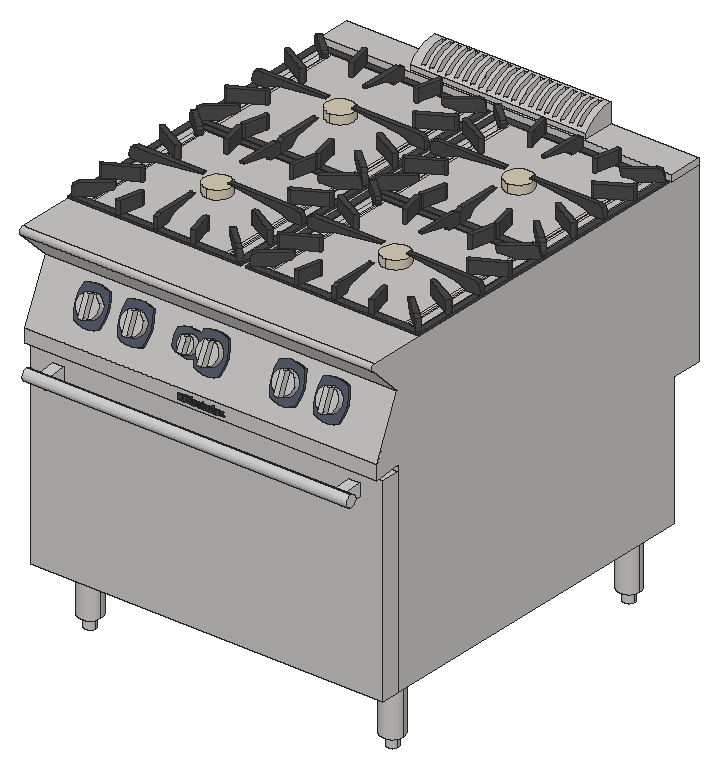
Revit family "QF_ELECTROLUXPROFESSIONAL_391575_E9AAKTBBMEI", category Attrezzature speciali, Revit 2018
Family settings
  Quota connettore circolare = Usa diametro
  Tipo di parte = Normale
  Basato su piano di lavoro = No
  Sempre verticale = Sì
  Taglio con vuoti quando caricato = No
  Condiviso = No
  Punto di calcolo locali = No
Parameters (values of type "Standard")
  Weight = 155.00 kg
  Watts = 0 W
  Volts = 0 V
  URL Manufacturer = "https://www.electroluxprofessional.com/"
  URL = "https://www.electroluxprofessional.com/"
  Steam Supply Size = 0"
  Steam Supply Minimum Pressure = 0.00 psi
  Steam Supply Maximum Pressure = 0.00 psi
  Steam Consumption per Hour = 0
  Show Logo [instance] = yes
  Show Clearance [instance] = yes
  Refrigeration Suction Line Size = 0 mm
  Refrigeration Liquid Line Size = 0 mm
  Refrigerant Compressor Remote = yes
  Phase = 0
  Modello = "E9AAKTBBMEI"
  Produttore = "Electrolux Professional"
  Length Actual = 800 mm  # constant formula
  Item Number = "391575"
  Hot Water Size = 0"
  Height Actual = 850 mm  # constant formula
  HP = "0 HP"
  Gas Size = 1/2"
  Gas KW = 32.5
  Gas Input Pressure = 1.13485 Btu/h
  Direct Waste Size = 0"
  Descrizione = "4-BURNER (6KW) GAS RANGE+GAS OVEN 800MM - QMARK"
  Depth Actual = 930 mm  # constant formula
  Cycle = 0 Hz
  Condensate Return Size = 0"
  Compressed Air Volume = 0 GPM
  Compressed Air Size = 0"
  Compressed Air Pressure = 0.00 psi
  Cold Water Size = 0"
  Accessory = yes
Values of the unnamed type that differ from the named types
  Weight = 0.00 kg
  URL Manufacturer = ""
  Item Number = ""
  HP = ""
  Gas KW = 0
  Gas Input Pressure = 0.0 Btu/h
Reference planes
  plane 1 "BACK": y = 0
  plane 2: z = 0
  plane 3 "LEFT": x = 0
  plane 4 "RIGHT": x = 800.1
  plane 5 "FRONT": y = -930.275
  plane 6 "TOP": z = 908
  plane 7 "Center Y": x = 400.05
  plane 8 "Center X": y = -465.137
  plane 9: z = 149.225
  plane 10: z = 1397
  plane 11: y = -80.962
  plane 12: z = 850
  plane 13: x = 56
  plane 14: y = -128
  plane 15: y = -801.687
  plane 16: y = -665.163
  plane 17: y = -1309
  plane 18: y = -576
  plane 19: x = 744.1
Forms (mm)
  Extrusion 1, solid, material "QF_Finishes_Stainless Steel"
    sketch origin (0, 0, 0) x (0, 1, 0) y (0, 0, 1)
      loop
        line (0, 449.262) -> (0, 850) -> (-922.302, 850)
        arc (-922.302, 850) -> (-930.275, 844.673) -> (-928.404, 835.268) r 8.63
        line (-928.404, 835.268) -> (-859.069, 765.933) -> (-916.765, 640.576) -> (-916.765, 609.279) -> (-856.641, 613.975)
        arc (-856.641, 613.975) -> (-854.117, 613.227) -> (-853.025, 610.831) r 3.175
        line (-853.025, 610.831) -> (-853.025, 149.225) -> (-71.438, 149.225) -> (-71.437, 449.263) -> (0, 449.262)
    from 0 to 800.1
  Revolve 2, solid, material "QF_Finishes_Stainless Steel"
    sketch origin (0, -801.687, 611.731) x (0, 0, -1) y (1, 0, 0)
      loop
        line (462.506, 56) -> (462.506, 30.6) -> (586.331, 30.6) -> (586.331, 43.3) -> (611.731, 43.3) -> (611.731, 56) -> (462.506, 56)
      axis (611.731, 56) -> (462.506, 56)
    angle from 0 to 360
  Revolve 3, solid, material "QF_Finishes_Stainless Steel"
    sketch origin (800.1, -801.687, 611.731) x (0, 0, -1) y (1, 0, 0)
      loop
        line (462.506, -55.562) -> (611.731, -55.562) -> (611.731, -42.862) -> (586.331, -42.862) -> (586.331, -30.162) -> (462.506, -30.162) -> (462.506, -55.562)
      axis (611.731, -55.562) -> (462.506, -55.562)
    angle from 0 to 360
  Revolve 4, solid, material "QF_Finishes_Stainless Steel"
    sketch origin (800.1, -128.588, 611.731) x (0, 0, -1) y (1, 0, 0)
      loop
        line (462.506, -55.562) -> (611.731, -55.562) -> (611.731, -42.862) -> (586.331, -42.862) -> (586.331, -30.162) -> (462.506, -30.162) -> (462.506, -55.562)
      axis (611.731, -55.562) -> (462.506, -55.562)
    angle from 0 to 360
  Revolve 5, solid, material "QF_Finishes_Stainless Steel"
    sketch origin (111.125, -128.588, 611.731) x (0, 0, -1) y (1, 0, 0)
      loop
        line (462.506, -55.125) -> (611.731, -55.125) -> (611.731, -42.425) -> (586.331, -42.425) -> (586.331, -29.725) -> (462.506, -29.725) -> (462.506, -55.125)
      axis (611.731, -55.125) -> (462.506, -55.125)
    angle from 0 to 360
  Extrusion 6, solid, material "QF_Finishes_Stainless Steel"
    sketch origin (0, 0, 0) x (0, 1, 0) y (0, 0, 1)
      loop
        line (0, 850) -> (0, 864.288) -> (-76.2, 864.288) -> (-76.2, 850) -> (0, 850)
    from 0 to 800.1
  Extrusion 7, void
    sketch origin (-65.011, 0, 865.138) x (-1, 0, 0) y (0, -1, 0)
      loop
        line (-295.005, 6.761) -> (-285.709, 6.761) -> (-285.709, 63.911) -> (-295.005, 63.911) -> (-295.005, 6.761)
      loop
        line (-313.697, 6.761) -> (-304.401, 6.761) -> (-304.401, 63.911) -> (-313.697, 63.911) -> (-313.697, 6.761)
      loop
        line (-332.39, 6.761) -> (-323.094, 6.761) -> (-323.094, 63.911) -> (-332.39, 63.911) -> (-332.39, 6.761)
      loop
        line (-351.082, 6.761) -> (-341.787, 6.761) -> (-341.787, 63.911) -> (-351.082, 63.911) -> (-351.082, 6.761)
      loop
        line (-369.775, 6.761) -> (-360.479, 6.761) -> (-360.479, 63.911) -> (-369.775, 63.911) -> (-369.775, 6.761)
      loop
        line (-388.468, 6.761) -> (-379.172, 6.761) -> (-379.172, 63.911) -> (-388.468, 63.911) -> (-388.468, 6.761)
      loop
        line (-407.16, 6.761) -> (-397.864, 6.761) -> (-397.864, 63.911) -> (-407.16, 63.911) -> (-407.16, 6.761)
      loop
        line (-425.853, 6.761) -> (-416.557, 6.761) -> (-416.557, 63.911) -> (-425.853, 63.911) -> (-425.853, 6.761)
      loop
        line (-444.545, 6.761) -> (-435.25, 6.761) -> (-435.25, 63.911) -> (-444.545, 63.911) -> (-444.545, 6.761)
      loop
        line (-463.238, 6.761) -> (-453.942, 6.761) -> (-453.942, 63.911) -> (-463.238, 63.911) -> (-463.238, 6.761)
      loop
        line (-481.931, 6.761) -> (-472.635, 6.761) -> (-472.635, 63.911) -> (-481.931, 63.911) -> (-481.931, 6.761)
      loop
        line (-500.623, 6.761) -> (-491.328, 6.761) -> (-491.328, 63.911) -> (-500.623, 63.911) -> (-500.623, 6.761)
      loop
        line (-519.316, 6.761) -> (-510.02, 6.761) -> (-510.02, 63.911) -> (-519.316, 63.911) -> (-519.316, 6.761)
      loop
        line (-538.008, 6.761) -> (-528.713, 6.761) -> (-528.713, 63.911) -> (-538.008, 63.911) -> (-538.008, 6.761)
      loop
        line (-556.701, 6.761) -> (-547.405, 6.761) -> (-547.405, 63.911) -> (-556.701, 63.911) -> (-556.701, 6.761)
      loop
        line (-575.394, 6.761) -> (-566.098, 6.761) -> (-566.098, 63.911) -> (-575.394, 63.911) -> (-575.394, 6.761)
      loop
        line (-594.086, 6.761) -> (-584.791, 6.761) -> (-584.791, 63.911) -> (-594.086, 63.911) -> (-594.086, 6.761)
      loop
        line (-612.779, 6.761) -> (-603.483, 6.761) -> (-603.483, 63.911) -> (-612.779, 63.911) -> (-612.779, 6.761)
      loop
        line (-631.472, 6.761) -> (-622.176, 6.761) -> (-622.176, 63.911) -> (-631.472, 63.911) -> (-631.472, 6.761)
      loop
        line (-650.164, 6.761) -> (-640.868, 6.761) -> (-640.868, 63.911) -> (-650.164, 63.911) -> (-650.164, 6.761)
    from 9.525 to 45.348
  Extrusion 8, solid, material "QF_Finishes_Stainless Steel"
    sketch origin (400.05, 175.397, 1219.2) x (0, 1, 0) y (0, 0, 1)
      loop
        line (-175.397, -354.912) -> (-175.397, -311.2)
        arc (-175.397, -311.2) -> (-214.469, -319.821) -> (-245.247, -345.387) r 84.854
        line (-245.247, -345.387) -> (-245.247, -354.912) -> (-175.397, -354.912)
    from -200.05 to 199.95
  Extrusion 9, solid, material "QF_Finishes_Navy Blue"
    sketch origin (0, -890.928, 697.612) x (0, -0.418102, -0.9084) y (1, 0, 0)
      loop
        arc (-53.776, 198.651) -> (-18.194, 191.027) -> (17.514, 198.034) r 90.5
        arc (17.514, 198.034) -> (24.34, 227.222) -> (17.514, 256.409) r 65.817
        arc (17.514, 256.409) -> (-18.193, 263.369) -> (-53.776, 255.797) r 91.066
        arc (-53.776, 255.797) -> (-60.332, 227.224) -> (-53.776, 198.651) r 65.546
      loop
        arc (-53.776, 98.651) -> (-18.194, 91.027) -> (17.514, 98.034) r 90.5
        arc (17.514, 98.034) -> (24.34, 127.222) -> (17.514, 156.409) r 65.817
        arc (17.514, 156.409) -> (-18.193, 163.369) -> (-53.776, 155.797) r 91.066
        arc (-53.776, 155.797) -> (-60.332, 127.224) -> (-53.776, 98.651) r 65.546
      loop
        arc (-53.776, 601.786) -> (-60.332, 573.214) -> (-53.776, 544.641) r 65.546
        arc (-53.776, 544.641) -> (-18.193, 537.068) -> (17.514, 544.028) r 91.066
        arc (17.514, 544.028) -> (24.34, 573.216) -> (17.514, 602.404) r 65.817
        arc (17.514, 602.404) -> (-18.194, 609.411) -> (-53.776, 601.786) r 90.5
      loop
        arc (-53.776, 701.786) -> (-60.332, 673.214) -> (-53.776, 644.641) r 65.546
        arc (-53.776, 644.641) -> (-18.193, 637.068) -> (17.514, 644.028) r 91.066
        arc (17.514, 644.028) -> (24.34, 673.216) -> (17.514, 702.404) r 65.817
        arc (17.514, 702.404) -> (-18.194, 709.411) -> (-53.776, 701.786) r 90.5
      loop
        arc (-40.159, 316.707) -> (-21.848, 313.911) -> (-3.351, 314.901) r 90.5
        arc (-3.351, 314.901) -> (6.915, 339.94) -> (6.238, 366.994) r 65.817
        arc (6.238, 366.994) -> (11.94, 368.741) -> (17.514, 370.86) r 90.5
        arc (17.514, 370.86) -> (24.34, 400.048) -> (17.514, 429.235) r 65.817
        arc (17.514, 429.235) -> (-18.193, 436.195) -> (-53.776, 428.623) r 91.066
        arc (-53.776, 428.623) -> (-60.332, 400.05) -> (-53.776, 371.477) r 65.546
        arc (-53.776, 371.477) -> (-49.379, 369.684) -> (-44.894, 368.124) r 90.5
        arc (-44.894, 368.124) -> (-47.802, 341.929) -> (-40.159, 316.707) r 65.546
    from 0 to 3.175
  Extrusion 10, solid, material "QF_Finishes_Stainless Steel"
    sketch origin (0, -893.812, 698.94) x (0, -0.418102, -0.9084) y (1, 0, 0)
      loop
        circle (-18.131, 227.457) r 25.4
      loop
        circle (-18.131, 127.457) r 25.4
      loop
        circle (-18.131, 572.543) r 25.4
      loop
        circle (-18.131, 672.543) r 25.4
      loop
        circle (-18.131, 349.957) r 19.05
      loop
        circle (-18.131, 400.05) r 25.4
    from 0 to 12.7
  Extrusion 11, solid, material "QF_Finishes_Stainless Steel"
    sketch origin (0, -905.349, 704.25) x (0, -0.418102, -0.9084) y (1, 0, 0)
      loop
        arc (-42.863, 233.243) -> (-43.531, 227.457) -> (-42.863, 221.671) r 25.4
        line (-42.863, 221.671) -> (6.601, 221.671)
        arc (6.601, 221.671) -> (7.269, 227.457) -> (6.601, 233.243) r 25.4
        line (6.601, 233.243) -> (-42.863, 233.243)
      loop
        arc (-42.863, 133.243) -> (-43.531, 127.457) -> (-42.863, 121.671) r 25.4
        line (-42.863, 121.671) -> (6.601, 121.671)
        arc (6.601, 121.671) -> (7.269, 127.457) -> (6.601, 133.243) r 25.4
        line (6.601, 133.243) -> (-42.863, 133.243)
      loop
        arc (-34.426, 356.459) -> (-35.24, 350.69) -> (-34.719, 344.887) r 25.4
        line (-34.719, 344.887) -> (-2.956, 344.887)
        arc (-2.956, 344.887) -> (-2.067, 350.647) -> (-2.515, 356.459) r 25.4
        line (-2.515, 356.459) -> (-34.426, 356.459)
      loop
        arc (-42.863, 579.675) -> (-43.531, 573.889) -> (-42.863, 568.102) r 25.4
        line (-42.863, 568.102) -> (6.601, 568.102)
        arc (6.601, 568.102) -> (7.269, 573.889) -> (6.601, 579.675) r 25.4
        line (6.601, 579.675) -> (-42.863, 579.675)
      loop
        arc (-42.863, 679.675) -> (-43.531, 673.889) -> (-42.863, 668.102) r 25.4
        line (-42.863, 668.102) -> (6.601, 668.102)
        arc (6.601, 668.102) -> (7.269, 673.889) -> (6.601, 679.675) r 25.4
        line (6.601, 679.675) -> (-42.863, 679.675)
      loop
        arc (-42.863, 405.836) -> (-43.531, 400.05) -> (-42.863, 394.264) r 25.4
        line (-42.863, 394.264) -> (6.601, 394.264)
        arc (6.601, 394.264) -> (7.269, 400.05) -> (6.601, 405.836) r 25.4
        line (6.601, 405.836) -> (-42.863, 405.836)
    from 0 to 12.7
  Extrusion 12, solid, material "QF_Finishes_Navy Blue", visible <- "Show Logo"
    sketch origin (0, -916.765, 609.279) x (0, 0, 1) y (-1, 0, 0)
      loop
        line (21.268, -357.807) -> (8.901, -357.807)
        arc (8.901, -357.807) -> (15.085, -362.379) -> (21.268, -357.807) r 6.467
      loop
        arc (21.268, -357.178) -> (20.099, -352.035) -> (15.443, -349.557) r 6.338
        line (15.443, -349.557) -> (15.443, -351.603)
        arc (15.443, -351.603) -> (16.927, -355.258) -> (20.372, -357.178) r 5.941
        line (20.372, -357.178) -> (21.268, -357.178)
      loop
        arc (9.797, -357.178) -> (13.242, -355.258) -> (14.726, -351.603) r 5.941
        line (14.726, -351.603) -> (14.726, -349.557)
        arc (14.726, -349.557) -> (10.032, -352.031) -> (8.742, -357.178) r 6.504
        line (8.742, -357.178) -> (9.797, -357.178)
      loop
        line (21.943, -349.088) -> (8.198, -349.088) -> (8.198, -362.851) -> (21.943, -362.851) -> (21.943, -349.088)
      loop
        arc (22.026, -365.819) -> (21.679, -365.461) -> (21.312, -365.799) r 0.358
        arc (21.312, -365.799) -> (20.997, -366.549) -> (20.281, -366.934) r 1.216
        line (20.281, -366.934) -> (9.868, -366.934)
        arc (9.868, -366.934) -> (9.208, -366.657) -> (8.812, -366.06) r 1.238
        arc (8.812, -366.06) -> (8.417, -365.809) -> (8.112, -366.163) r 0.358
        line (8.112, -366.163) -> (8.112, -376.042) -> (10.863, -376.042) -> (10.863, -375.145)
        arc (10.863, -375.145) -> (9.954, -374.565) -> (9.498, -373.588) r 1.928
        line (9.498, -373.588) -> (9.498, -371.089)
        arc (9.498, -371.089) -> (9.774, -370.36) -> (10.462, -369.996) r 1.101
        line (10.462, -369.996) -> (14.549, -369.996) -> (14.549, -373.67)
        arc (14.549, -373.67) -> (14.196, -374.167) -> (13.631, -374.395) r 1.083
        arc (13.631, -374.395) -> (13.367, -374.7) -> (13.659, -374.978) r 0.292
        line (13.659, -374.978) -> (16.621, -374.978)
        arc (16.621, -374.978) -> (16.924, -374.705) -> (16.686, -374.375) r 0.305
        arc (16.686, -374.375) -> (16.195, -374.127) -> (15.89, -373.67) r 1.083
        line (15.89, -373.67) -> (15.89, -369.996) -> (20.567, -369.996) -> (20.567, -373.744)
        arc (20.567, -373.744) -> (20.353, -374.499) -> (19.747, -374.997) r 1.314
        arc (19.747, -374.997) -> (19.527, -375.401) -> (19.882, -375.694) r 0.361
        line (19.882, -375.694) -> (22.026, -375.694) -> (22.026, -365.819)
      loop
        arc (21.309, -376.474) -> (20.928, -377.393) -> (20.01, -377.773) r 1.299
        line (20.01, -377.773) -> (10.431, -377.773)
        arc (10.431, -377.773) -> (9.593, -377.395) -> (9.321, -376.517) r 1.118
        line (9.321, -376.517) -> (8.112, -376.517) -> (8.112, -381.867) -> (9.3, -381.867)
        arc (9.3, -381.867) -> (9.572, -380.95) -> (10.442, -380.554) r 1.153
        line (10.442, -380.554) -> (22.514, -380.554) -> (21.309, -376.474)
      loop
        line (13.077, -384.503) -> (13.077, -390.951) -> (13.876, -390.951)
        arc (13.876, -390.951) -> (16.456, -389.966) -> (17.725, -387.513) r 3.874
        line (17.725, -387.513) -> (17.725, -385.752)
        arc (17.725, -385.752) -> (16.538, -382.887) -> (13.674, -381.701) r 4.051
        line (13.674, -381.701) -> (11.666, -381.701)
        arc (11.666, -381.701) -> (8.847, -383.186) -> (7.795, -386.193) r 4.352
        arc (7.795, -386.193) -> (8.16, -388.656) -> (9.537, -390.73) r 5.713
        line (9.537, -390.73) -> (10.486, -390.73)
        arc (10.486, -390.73) -> (9.754, -389.161) -> (9.537, -387.443) r 5.579
        arc (9.537, -387.443) -> (10.331, -385.48) -> (12.21, -384.503) r 3.057
        line (12.21, -384.503) -> (13.077, -384.503)
      loop
        line (14.336, -384.503) -> (14.336, -388.085)
        arc (14.336, -388.085) -> (15.793, -388.133) -> (16.676, -386.973) r 1.59
        line (16.676, -386.973) -> (16.676, -386.143)
        arc (16.676, -386.143) -> (15.811, -384.888) -> (14.336, -384.503) r 2.184
      loop
        arc (17.127, -400.368) -> (17.616, -398.694) -> (17.773, -396.957) r 9.023
        line (17.773, -396.957) -> (17.773, -395.595)
        arc (17.773, -395.595) -> (16.614, -392.795) -> (13.814, -391.636) r 3.959
        line (13.814, -391.636) -> (11.214, -391.636)
        arc (11.214, -391.636) -> (8.932, -392.928) -> (7.815, -395.301) r 4.331
        line (7.815, -395.301) -> (7.815, -397.436)
        arc (7.815, -397.436) -> (8.323, -398.986) -> (9.245, -400.332) r 5.772
        arc (9.245, -400.332) -> (10.006, -400.383) -> (10.093, -399.624) r 0.553
        arc (10.093, -399.624) -> (9.705, -398.89) -> (9.571, -398.071) r 2.573
        line (9.571, -398.071) -> (9.571, -396.556)
        arc (9.571, -396.556) -> (10.577, -394.915) -> (12.392, -394.272) r 2.884
        line (12.392, -394.272) -> (13.67, -394.272)
        arc (13.67, -394.272) -> (15.492, -394.832) -> (16.418, -396.497) r 2.554
        line (16.418, -396.497) -> (16.418, -397.55)
        arc (16.418, -397.55) -> (16.087, -398.478) -> (15.43, -399.213) r 2.564
        arc (15.43, -399.213) -> (15.208, -399.93) -> (15.817, -400.368) r 0.643
        line (15.817, -400.368) -> (17.127, -400.368)
      loop
        line (16.109, -400.638) -> (16.109, -402.139) -> (10.061, -402.139)
        arc (10.061, -402.139) -> (8.473, -402.797) -> (7.815, -404.385) r 2.246
        line (7.815, -404.385) -> (7.815, -405.969)
        arc (7.815, -405.969) -> (8.129, -406.834) -> (8.629, -407.605) r 4.06
        arc (8.629, -407.605) -> (9.362, -407.738) -> (9.613, -407.037) r 0.576
        arc (9.613, -407.037) -> (9.507, -406.512) -> (9.571, -405.979) r 1.69
        arc (9.571, -405.979) -> (10.113, -405.191) -> (11.019, -404.888) r 1.506
        line (11.019, -404.888) -> (16.157, -404.888) -> (16.157, -407.285) -> (16.713, -407.842) -> (17.535, -407.842) -> (17.535, -404.982) -> (20.766, -404.982) -> (16.109, -400.638)
      loop
        line (8.032, -408.739) -> (8.032, -414.126) -> (9.142, -414.126)
        arc (9.142, -414.126) -> (9.536, -413.175) -> (10.487, -412.781) r 1.345
        line (10.487, -412.781) -> (14.103, -412.781)
        arc (14.103, -412.781) -> (14.868, -413.373) -> (15.157, -414.295) r 1.615
        line (15.157, -414.295) -> (15.157, -415.851) -> (17.713, -416.536) -> (17.713, -415.153) -> (15.771, -412.594) -> (17.651, -412.594) -> (17.367, -409.888)
        arc (17.367, -409.888) -> (16.927, -409.358) -> (16.268, -409.559) r 0.621
        arc (16.268, -409.559) -> (15.868, -409.901) -> (15.374, -410.084) r 1.501
        line (15.374, -410.084) -> (10.487, -410.084)
        arc (10.487, -410.084) -> (9.536, -409.69) -> (9.142, -408.739) r 1.345
        line (9.142, -408.739) -> (8.032, -408.739)
      loop
        line (14.134, -416.073) -> (11.442, -416.073)
        arc (11.442, -416.073) -> (8.996, -417.381) -> (7.863, -419.912) r 4.288
        arc (7.863, -419.912) -> (7.799, -421.292) -> (7.863, -422.672) r 15.022
        arc (7.863, -422.672) -> (8.996, -425.203) -> (11.442, -426.51) r 4.288
        line (11.442, -426.51) -> (14.134, -426.51)
        arc (14.134, -426.51) -> (16.579, -425.203) -> (17.713, -422.672) r 4.288
        arc (17.713, -422.672) -> (17.777, -421.292) -> (17.713, -419.912) r 15.022
        arc (17.713, -419.912) -> (16.579, -417.381) -> (14.134, -416.073) r 4.288
      loop
        line (14.339, -419.187) -> (11.237, -419.187)
        arc (11.237, -419.187) -> (9.08, -421.344) -> (11.237, -423.501) r 2.157
        line (11.237, -423.501) -> (14.339, -423.501)
        arc (14.339, -423.501) -> (16.496, -421.344) -> (14.339, -419.187) r 2.157
      loop
        arc (21.32, -426.369) -> (20.949, -427.263) -> (20.055, -427.633) r 1.264
        line (20.055, -427.633) -> (10.191, -427.633)
        arc (10.191, -427.633) -> (9.321, -427.236) -> (9.049, -426.32) r 1.153
        line (9.049, -426.32) -> (8.112, -426.32) -> (8.112, -431.428) -> (9.04, -431.428)
        arc (9.04, -431.428) -> (9.399, -430.656) -> (10.191, -430.341) r 1.153
        line (10.191, -430.341) -> (22.514, -430.341) -> (21.32, -426.369)
      loop
        arc (16.44, -430.966) -> (16.241, -432.03) -> (15.272, -432.512) r 1.215
        line (15.272, -432.512) -> (10.252, -432.512)
        arc (10.252, -432.512) -> (8.637, -433.16) -> (7.916, -434.743) r 2.338
        line (7.916, -434.743) -> (7.916, -436.257)
        arc (7.916, -436.257) -> (8.091, -437.261) -> (8.593, -438.147) r 2.979
        line (8.593, -438.147) -> (8.112, -439.944) -> (8.112, -441.633) -> (17.537, -441.633) -> (17.243, -437.429) -> (16.457, -437.429)
        arc (16.457, -437.429) -> (16.101, -438.265) -> (15.349, -438.774) r 1.605
        line (15.349, -438.774) -> (10.246, -438.774)
        arc (10.246, -438.774) -> (9.826, -437.837) -> (9.753, -436.813) r 2.94
        arc (9.753, -436.813) -> (10.314, -435.712) -> (11.467, -435.269) r 1.724
        line (11.467, -435.269) -> (17.664, -435.269) -> (16.44, -430.966)
      loop
        line (17.468, -442.486) -> (15.796, -444.532) -> (12.622, -446.838) -> (9.166, -443.726)
        arc (9.166, -443.726) -> (8.928, -443.332) -> (8.951, -442.873) r 0.789
        line (8.951, -442.873) -> (8.112, -442.873) -> (8.112, -446.418) -> (8.938, -446.418)
        arc (8.938, -446.418) -> (9.28, -446.056) -> (9.77, -446.148) r 0.52
        line (9.77, -446.148) -> (11.57, -447.619) -> (9.452, -448.995)
        arc (9.452, -448.995) -> (9.051, -448.685) -> (8.964, -448.185) r 0.7
        line (8.964, -448.185) -> (8.112, -448.185) -> (8.112, -454.112) -> (8.998, -454.112)
        arc (8.998, -454.112) -> (9.065, -453.453) -> (9.46, -452.922) r 1.247
        line (9.46, -452.922) -> (13.66, -449.641) -> (16.107, -451.694) -> (17.468, -453.436) -> (17.468, -449.713) -> (15.983, -450.135) -> (14.462, -448.858) -> (16.162, -447.668) -> (17.468, -448.445) -> (17.468, -442.486)
    from 0 to 1.644
  Extrusion 13, solid, material "QF_Finishes_Stainless Steel"
    sketch origin (0, -853.025, 610.831) x (0, 0, -1) y (1, 0, 0)
      loop
        line (460.831, 0) -> (460.831, 800) -> (9.61, 800) -> (9.61, 0) -> (460.831, 0)
    from 3.175 to 46.663
  Extrusion 14, solid, material "QF_Finishes_Handrails and Railings"
    sketch origin (50.8, -1053.827, 150) x (0, 0, 1) y (0, 1, 0)
      loop
        circle (420.409, 103.146) r 12.7
    from 19.875 to -718.375
  Extrusion 15, solid, material "QF_Finishes_Handrails and Railings"
    sketch origin (800, -1053.827, 150) x (0, 0, 1) y (0, -1, 0)
      loop
        line (429.101, -153.025) -> (426.396, -114.347)
        arc (426.396, -114.347) -> (412.589, -113.153) -> (408.093, -100.044) r 12.7
        arc (408.093, -100.044) -> (407.276, -100.585) -> (406.501, -101.183) r 13.441
        arc (406.501, -101.183) -> (405.055, -102.989) -> (404.435, -105.216) r 5.77
        line (404.435, -105.216) -> (401.092, -153.025) -> (429.101, -153.025)
    from -50.7 to -76.1
  Extrusion 16, solid, material "QF_Finishes_Handrails and Railings"
    sketch origin (0.1, -1053.827, 150) x (0, 0, 1) y (0, 1, 0)
      loop
        line (429.101, 153.025) -> (401.092, 153.025) -> (404.435, 105.216)
        arc (404.435, 105.216) -> (405.055, 102.989) -> (406.501, 101.183) r 5.77
        arc (406.501, 101.183) -> (407.276, 100.585) -> (408.093, 100.044) r 13.441
        arc (408.093, 100.044) -> (412.589, 113.153) -> (426.396, 114.347) r 12.7
        line (426.396, 114.347) -> (429.101, 153.025)
    from -50.7 to -76.1
  Extrusion 17, solid, material "QF_Door-Drawer Clearances", visible <- "Show Clearance", detail levels coarse
    sketch origin (800, -853.025, 150) x (0, 0, 1) y (0, -1, 0)
      loop
        line (0, 455.975) -> (0, 46.663) -> (451.218, 46.663)
        arc (451.218, 46.663) -> (305.577, 339.474) -> (0, 455.975) r 449.286
    from 0 to -800
  Extrusion 18, solid, material "QF_Finishes_Stainless Steel"
    sketch origin (0, -853.025, 149.225) x (1, 0, 0) y (0, -1, 0)
      loop
        circle (749.3, -187.862) r 6.4
      loop
        circle (757.1, -277.025) r 6.4
    from 0 to 20.638
  Extrusion 19, solid, material "QF_Clearances", visible <- "Show Clearance", detail levels coarse
    sketch origin (0, 0, 0) x (1, 0, 0) y (0, 1, 0)
      loop
        line (-100.013, -930.275) -> (0, -930.275) -> (0, 0) -> (800.1, 0) -> (800.1, -930.275) -> (900.113, -930.275) -> (900.113, 100.013) -> (-100.013, 100.013) -> (-100.013, -930.275)
    from 0 to 908
Cuts and joins
  Extrusion 7 cuts Extrusion 8
Lines and regions (mm)
  symbolic lines, style "QF_Clearances", visible <- "Show Clearance", detail levels coarse
    curve 1: line (-100.013, -930.275, 0) -> (-100.012, 100.013, 0)
    curve 2: line (-100.013, 100.013, 0) -> (900.113, 100.013, 0)
    curve 3: line (900.113, 100.013, 0) -> (900.113, -929.879, 0)
  symbolic lines
    curve 4: line (0, 0, 0) -> (800.1, 0, 0)
    curve 5: line (800.1, 0, 0) -> (800.1, -930.275, 0)
    curve 6: line (0, -930.275, 0) -> (0, 0, 0)
    curve 7: line (0, -76.2, 0) -> (800.1, -76.2, 0)
    curve 8: line (0, -930.275, 0) -> (800.1, -930.275, 0)
    curve 12: line (769.175, -963.381, 0) -> (30.925, -963.381, 0)
    curve 13: line (30.925, -963.381, 0) -> (30.925, -937.981, 0)
    curve 14: line (769.175, -963.381, 0) -> (769.175, -937.981, 0)
    curve 15: line (769.175, -937.981, 0) -> (749.3, -937.981, 0)
    curve 16: line (749.3, -953.783, 0) -> (749.3, -930.275, 0)
    curve 17: line (723.9, -953.783, 0) -> (723.9, -930.275, 0)
    curve 18: line (723.9, -937.981, 0) -> (76.2, -937.981, 0)
    curve 19: line (30.925, -937.981, 0) -> (50.8, -937.981, 0)
    curve 20: line (50.8, -930.275, 0) -> (50.8, -953.783, 0)
    curve 21: line (50.8, -953.783, 0) -> (76.2, -953.783, 0)
    curve 22: line (76.2, -953.783, 0) -> (76.2, -930.275, 0)
    curve 23: line (749.3, -953.783, 0) -> (723.9, -953.783, 0)
    curve 24: line (200, -69.85, 0) -> (200, 0, 0)
    curve 25: line (200, -69.85, 0) -> (600, -69.85, 0)
    curve 26: line (600, -69.85, 0) -> (600, 0, 0)
    curve 27: line (585.153, -6.761, 0) -> (585.153, -63.911, 0)
    curve 28: line (585.153, -63.911, 0) -> (575.857, -63.911, 0)
    curve 29: line (575.857, -63.911, 0) -> (575.857, -6.761, 0)
    curve 30: line (575.857, -6.761, 0) -> (585.153, -6.761, 0)
    curve 31: line (566.461, -6.761, 0) -> (566.461, -63.911, 0)
    curve 32: line (566.461, -63.911, 0) -> (557.165, -63.911, 0)
    curve 33: line (557.165, -63.911, 0) -> (557.165, -6.761, 0)
    curve 34: line (557.165, -6.761, 0) -> (566.461, -6.761, 0)
    curve 35: line (547.768, -6.761, 0) -> (547.768, -63.911, 0)
    curve 36: line (547.768, -63.911, 0) -> (538.472, -63.911, 0)
    curve 37: line (538.472, -63.911, 0) -> (538.472, -6.761, 0)
    curve 38: line (538.472, -6.761, 0) -> (547.768, -6.761, 0)
    curve 39: line (529.075, -6.761, 0) -> (529.075, -63.911, 0)
    curve 40: line (529.075, -63.911, 0) -> (519.78, -63.911, 0)
    curve 41: line (519.78, -63.911, 0) -> (519.78, -6.761, 0)
    curve 42: line (519.78, -6.761, 0) -> (529.075, -6.761, 0)
    curve 43: line (510.383, -6.761, 0) -> (510.383, -63.911, 0)
    curve 44: line (510.383, -63.911, 0) -> (501.087, -63.911, 0)
    curve 45: line (501.087, -63.911, 0) -> (501.087, -6.761, 0)
    curve 46: line (501.087, -6.761, 0) -> (510.383, -6.761, 0)
    curve 47: line (491.69, -6.761, 0) -> (491.69, -63.911, 0)
    curve 48: line (491.69, -63.911, 0) -> (482.394, -63.911, 0)
    curve 49: line (482.394, -63.911, 0) -> (482.394, -6.761, 0)
    curve 50: line (482.394, -6.761, 0) -> (491.69, -6.761, 0)
    curve 51: line (472.998, -6.761, 0) -> (472.998, -63.911, 0)
    curve 52: line (472.998, -63.911, 0) -> (463.702, -63.911, 0)
    curve 53: line (463.702, -63.911, 0) -> (463.702, -6.761, 0)
    curve 54: line (463.702, -6.761, 0) -> (472.998, -6.761, 0)
    curve 55: line (454.305, -6.761, 0) -> (454.305, -63.911, 0)
    curve 56: line (454.305, -63.911, 0) -> (445.009, -63.911, 0)
    curve 57: line (445.009, -63.911, 0) -> (445.009, -6.761, 0)
    curve 58: line (445.009, -6.761, 0) -> (454.305, -6.761, 0)
    curve 59: line (435.612, -6.761, 0) -> (435.612, -63.911, 0)
    curve 60: line (435.612, -63.911, 0) -> (426.317, -63.911, 0)
    curve 61: line (426.317, -63.911, 0) -> (426.317, -6.761, 0)
    curve 62: line (426.317, -6.761, 0) -> (435.612, -6.761, 0)
    curve 63: line (416.92, -6.761, 0) -> (416.92, -63.911, 0)
    curve 64: line (416.92, -63.911, 0) -> (407.624, -63.911, 0)
    curve 65: line (407.624, -63.911, 0) -> (407.624, -6.761, 0)
    curve 66: line (407.624, -6.761, 0) -> (416.92, -6.761, 0)
    curve 67: line (398.227, -6.761, 0) -> (398.227, -63.911, 0)
    curve 68: line (398.227, -63.911, 0) -> (388.931, -63.911, 0)
    curve 69: line (388.931, -63.911, 0) -> (388.931, -6.761, 0)
    curve 70: line (388.931, -6.761, 0) -> (398.227, -6.761, 0)
    curve 71: line (379.534, -6.761, 0) -> (379.534, -63.911, 0)
    curve 72: line (379.534, -63.911, 0) -> (370.239, -63.911, 0)
    curve 73: line (370.239, -63.911, 0) -> (370.239, -6.761, 0)
    curve 74: line (370.239, -6.761, 0) -> (379.534, -6.761, 0)
    curve 75: line (360.842, -6.761, 0) -> (360.842, -63.911, 0)
    curve 76: line (360.842, -63.911, 0) -> (351.546, -63.911, 0)
    curve 77: line (351.546, -63.911, 0) -> (351.546, -6.761, 0)
    curve 78: line (351.546, -6.761, 0) -> (360.842, -6.761, 0)
    curve 79: line (342.149, -6.761, 0) -> (342.149, -63.911, 0)
    curve 80: line (342.149, -63.911, 0) -> (332.854, -63.911, 0)
    curve 81: line (332.854, -63.911, 0) -> (332.854, -6.761, 0)
    curve 82: line (332.854, -6.761, 0) -> (342.149, -6.761, 0)
    curve 83: line (323.457, -6.761, 0) -> (323.457, -63.911, 0)
    curve 84: line (323.457, -63.911, 0) -> (314.161, -63.911, 0)
    curve 85: line (314.161, -63.911, 0) -> (314.161, -6.761, 0)
    curve 86: line (314.161, -6.761, 0) -> (323.457, -6.761, 0)
    curve 87: line (304.764, -6.761, 0) -> (304.764, -63.911, 0)
    curve 88: line (304.764, -63.911, 0) -> (295.468, -63.911, 0)
    curve 89: line (295.468, -63.911, 0) -> (295.468, -6.761, 0)
    curve 90: line (295.468, -6.761, 0) -> (304.764, -6.761, 0)
    curve 91: line (286.071, -6.761, 0) -> (286.071, -63.911, 0)
    curve 92: line (286.071, -63.911, 0) -> (276.776, -63.911, 0)
    curve 93: line (276.776, -63.911, 0) -> (276.776, -6.761, 0)
    curve 94: line (276.776, -6.761, 0) -> (286.071, -6.761, 0)
    curve 95: line (267.379, -6.761, 0) -> (267.379, -63.911, 0)
    curve 96: line (267.379, -63.911, 0) -> (258.083, -63.911, 0)
    curve 97: line (258.083, -63.911, 0) -> (258.083, -6.761, 0)
    curve 98: line (258.083, -6.761, 0) -> (267.379, -6.761, 0)
    curve 99: line (248.686, -6.761, 0) -> (248.686, -63.911, 0)
    curve 100: line (248.686, -63.911, 0) -> (239.39, -63.911, 0)
    curve 101: line (239.39, -63.911, 0) -> (239.39, -6.761, 0)
    curve 102: line (239.39, -6.761, 0) -> (248.686, -6.761, 0)
    curve 103: line (229.994, -6.761, 0) -> (229.994, -63.911, 0)
    curve 104: line (229.994, -63.911, 0) -> (220.698, -63.911, 0)
    curve 105: line (220.698, -63.911, 0) -> (220.698, -6.761, 0)
    curve 106: line (220.698, -6.761, 0) -> (229.994, -6.761, 0)
  symbolic lines, style "QF_Door-Drawer Clearances"
    curve 9: line (0, -930.275, 0) -> (0, -1309, 0)
    curve 10: line (0, -1309, 0) -> (800, -1309, 0)
    curve 11: line (800, -1309, 0) -> (800, -929, 0)
Dimensions and locks
  equal spacing: plane 3 "LEFT", plane 7 "Center Y", plane 4 "RIGHT"
  plane 3 "LEFT" to plane 4 "RIGHT" = 800.1 mm
  equal spacing: plane 5 "FRONT", plane 8 "Center X", plane 1 "BACK"
  plane 5 "FRONT" to plane 1 "BACK" = 930.275 mm  (x2)
  plane 6 "TOP" to plane 2 = 908 mm
  plane 9 to plane 2 = 149.225 mm  (x2)
  plane 10 to plane 6 "TOP" = 489 mm
  plane 10 to plane 2 = 1397 mm
  plane 10 to plane 9 = 1247.775 mm
  plane 6 "TOP" to plane 12 = 58 mm
  plane 12 to plane 2 = 850 mm
  plane 14 to plane 1 "BACK" = 128 mm
  plane 15 to plane 14 = 673.688 mm
  Extrusion 1 sketch curve to plane 1 "BACK" = 71.438 mm
  Extrusion 1 sketch curve to plane 9 = 300.038 mm
  Extrusion 18 sketch curve to plane 4 "RIGHT" = 50.8 mm
  Extrusion 18 sketch curve to plane 1 "BACK" = 665.163 mm
  Extrusion 18 to plane 2 = 128.588 mm
  plane 16 to plane 1 "BACK" = 665.163 mm
  Extrusion 1 to plane 1 "BACK" = 71.438 mm
  plane 9 to Extrusion 1 = 300.038 mm
  Extrusion 18 to plane 9 = 20.638 mm
  Extrusion 17 to plane 15 = 98 mm
  plane 17 to plane 1 "BACK" = 1309 mm
  Extrusion 17 to plane 1 "BACK" = 899.687 mm
  Extrusion 18 sketch curve to plane 4 "RIGHT" = 43 mm
  Extrusion 18 sketch curve to plane 1 "BACK" = 576 mm
  plane 18 to plane 1 "BACK" = 576 mm
  plane 3 "LEFT" to plane 13 to plane 19 to plane 4 "RIGHT" = 56 mm, 688.1 mm, 56 mm
  aligned and locked: level to plane 2
  aligned and locked: Extrusion 1 to plane 4 "RIGHT"
  aligned and locked: plane 15 to Revolve 2
  aligned and locked: Extrusion 6 to plane 4 "RIGHT"
  aligned and locked: Extrusion 17 to Extrusion 13
  aligned and locked: plane 6 "TOP" to Extrusion 19
Automatic sketch dimensions
  Extrusion 1 sketch curve to plane 12 = 0 mm
  Extrusion 1 sketch curve to plane 9 = 0 mm
  Extrusion 1 sketch curve to plane 1 "BACK" = 0 mm
  plane 15 to Extrusion 1 sketch curve = 51.337 mm
  Extrusion 1 sketch curve to Extrusion 1 sketch curve = 3.175 mm
  Extrusion 1 sketch curve to Extrusion 1 sketch curve = 0.442 mm
  Extrusion 1 sketch curve to plane 5 "FRONT" = 1.871 mm
  Extrusion 1 sketch curve to plane 12 = 240.721 mm
  Extrusion 1 sketch curve to Extrusion 1 sketch curve = 1.552 mm
  Extrusion 1 sketch curve to Extrusion 1 sketch curve = 31.298 mm
  Extrusion 1 sketch curve to plane 12 = 84.067 mm
  Extrusion 1 sketch curve to plane 12 = 14.732 mm
  plane 13 to Revolve 2 sketch curve = 0 mm  (x2)
  Revolve 2 sketch curve to plane 9 = 0 mm
  Revolve 2 sketch curve to level = 0 mm
  Revolve 2 sketch curve to Revolve 2 sketch curve = 32.525 mm
  Revolve 2 sketch curve to Revolve 2 sketch curve = 50.8 mm
  level to Revolve 2 sketch curve = 25.4 mm
  Revolve 2 sketch curve to Revolve 2 sketch curve = 12.7 mm  (x2)
  Revolve 3 sketch curve to plane 9 = 0 mm
  Revolve 3 sketch curve to level = 0 mm
  Revolve 3 sketch curve to Revolve 3 sketch curve = 32.525 mm
  Revolve 3 sketch curve to Revolve 3 sketch curve = 50.8 mm
  level to Revolve 3 sketch curve = 25.4 mm
  Revolve 3 sketch curve to Revolve 3 sketch curve = 12.7 mm
  Revolve 3 sketch curve to Revolve 3 sketch curve = 25.4 mm
  Revolve 4 sketch curve to plane 9 = 0 mm
  Revolve 4 sketch curve to level = 0 mm
  Revolve 4 sketch curve to Revolve 4 sketch curve = 32.525 mm
  Revolve 4 sketch curve to Revolve 4 sketch curve = 50.8 mm
  level to Revolve 4 sketch curve = 25.4 mm
  Revolve 4 sketch curve to Revolve 4 sketch curve = 12.7 mm
  Revolve 4 sketch curve to Revolve 4 sketch curve = 25.4 mm
  plane 13 to Revolve 5 sketch curve = 0 mm  (x2)
  Revolve 5 sketch curve to plane 9 = 0 mm
  Revolve 5 sketch curve to level = 0 mm
  Revolve 5 sketch curve to Revolve 5 sketch curve = 32.525 mm
  Revolve 5 sketch curve to Revolve 5 sketch curve = 50.8 mm
  level to Revolve 5 sketch curve = 25.4 mm
  Revolve 5 sketch curve to plane 13 = 12.7 mm
  Revolve 5 sketch curve to plane 13 = 25.4 mm
  Extrusion 6 sketch curve to plane 12 = 0 mm
  Extrusion 6 sketch curve to plane 1 "BACK" = 0 mm
  plane 11 to Extrusion 6 sketch curve = 4.763 mm
  plane 12 to Extrusion 6 sketch curve = 14.288 mm
  plane 11 to Extrusion 7 sketch curve = 17.052 mm  (x19)
  Extrusion 7 sketch curve to Extrusion 7 sketch curve = 9.296 mm  (x20)
  Extrusion 7 sketch curve to Extrusion 7 sketch curve = 9.397 mm  (x18)
  plane 7 "Center Y" to Extrusion 7 sketch curve = 7.574 mm
  Extrusion 7 sketch curve to plane 7 "Center Y" = 1.823 mm
  Extrusion 7 sketch curve to Extrusion 7 sketch curve = 0 mm
  plane 1 "BACK" to Extrusion 7 sketch curve = 6.761 mm  (x20)
  Extrusion 8 sketch curve to plane 1 "BACK" = 0 mm
  plane 1 "BACK" to Extrusion 8 sketch curve = 1.769 mm
  plane 11 to Extrusion 8 sketch curve = 11.113 mm
  Extrusion 8 sketch curve to plane 12 = 26.835 mm
  plane 12 to Extrusion 8 sketch curve = 14.288 mm
  Extrusion 8 sketch curve to Extrusion 8 sketch curve = 9.525 mm
  Extrusion 9 sketch curve to Extrusion 9 sketch curve = 0 mm  (x13)
  Extrusion 9 sketch curve to plane 7 "Center Y" = 0 mm
  Extrusion 9 sketch curve to plane 7 "Center Y" = 48.195 mm
  Extrusion 9 sketch curve to Extrusion 9 sketch curve = 4.038 mm  (x2)
  plane 7 "Center Y" to Extrusion 9 sketch curve = 28.573 mm
  Extrusion 9 sketch curve to plane 13 = 42.651 mm
  Extrusion 9 sketch curve to Extrusion 9 sketch curve = 8.882 mm
  Extrusion 9 sketch curve to Extrusion 9 sketch curve = 12.3 mm  (x14)
  Extrusion 9 sketch curve to plane 7 "Center Y" = 0.002 mm
  Extrusion 9 sketch curve to Extrusion 9 sketch curve = 17.655 mm
  Extrusion 9 sketch curve to Extrusion 9 sketch curve = 36.365 mm  (x6)
  Extrusion 9 sketch curve to plane 13 = 16.307 mm
  Extrusion 9 sketch curve to Extrusion 9 sketch curve = 22.748 mm
  Extrusion 9 sketch curve to Extrusion 9 sketch curve = 27.483 mm
  plane 7 "Center Y" to Extrusion 9 sketch curve = 4.252 mm
  Extrusion 9 sketch curve to Extrusion 9 sketch curve = 24.066 mm
  Extrusion 9 sketch curve to Extrusion 9 sketch curve = 14.06 mm
  Extrusion 9 sketch curve to Extrusion 9 sketch curve = 46.691 mm  (x4)
  Extrusion 9 sketch curve to Extrusion 9 sketch curve = 22.625 mm
  Extrusion 9 sketch curve to Extrusion 9 sketch curve = 23.649 mm
  Extrusion 9 sketch curve to Extrusion 9 sketch curve = 11.23 mm
  Extrusion 9 sketch curve to Extrusion 9 sketch curve = 11.276 mm
  plane 7 "Center Y" to Extrusion 9 sketch curve = 29.185 mm
  Extrusion 9 sketch curve to Extrusion 9 sketch curve = 25.727 mm  (x2)
  Extrusion 9 sketch curve to Extrusion 9 sketch curve = 28.57 mm  (x2)
  Extrusion 9 sketch curve to Extrusion 9 sketch curve = 9.217 mm  (x2)
  Extrusion 9 sketch curve to Extrusion 9 sketch curve = 16.51 mm  (x2)
  Extrusion 9 sketch curve to Extrusion 9 sketch curve = 17.128 mm
  Extrusion 9 sketch curve to Extrusion 9 sketch curve = 30.232 mm
  Extrusion 9 sketch curve to Extrusion 9 sketch curve = 64.564 mm
  Extrusion 9 sketch curve to Extrusion 9 sketch curve = 25.114 mm
  Extrusion 9 sketch curve to Extrusion 9 sketch curve = 29.185 mm  (x2)
  Extrusion 10 sketch curve to Extrusion 10 sketch curve = 0 mm  (x5)
  Extrusion 10 sketch curve to Extrusion 10 sketch curve = 100 mm  (x2)
  Extrusion 10 sketch curve to Extrusion 10 sketch curve = 122.5 mm
  Extrusion 10 sketch curve to Extrusion 10 sketch curve = 50.093 mm
  Extrusion 10 sketch curve to Extrusion 10 sketch curve = 172.493 mm
  Extrusion 11 sketch curve to Extrusion 11 sketch curve = 0 mm  (x10)
  Extrusion 11 sketch curve to Extrusion 11 sketch curve = 9.318 mm
  Extrusion 11 sketch curve to Extrusion 11 sketch curve = 6.977 mm
  Extrusion 11 sketch curve to Extrusion 11 sketch curve = 7.271 mm
  Extrusion 11 sketch curve to Extrusion 11 sketch curve = 24.732 mm  (x8)
  Extrusion 11 sketch curve to Extrusion 11 sketch curve = 17.6 mm
  Extrusion 11 sketch curve to Extrusion 11 sketch curve = 6.893 mm
  Extrusion 11 sketch curve to Extrusion 11 sketch curve = 7.334 mm
  Extrusion 11 sketch curve to Extrusion 11 sketch curve = 49.377 mm
  Extrusion 11 sketch curve to Extrusion 11 sketch curve = 5.159 mm
  Extrusion 11 sketch curve to Extrusion 11 sketch curve = 162.266 mm
  Extrusion 11 sketch curve to Extrusion 11 sketch curve = 5.786 mm  (x2)
  Extrusion 11 sketch curve to Extrusion 11 sketch curve = 88.428 mm
  Extrusion 12 sketch curve to Extrusion 1 = 2.755 mm
  Extrusion 12 sketch curve to Extrusion 1 = 7.795 mm
  Extrusion 12 sketch curve to Extrusion 1 = 7.815 mm  (x2)
  Extrusion 12 sketch curve to Extrusion 12 sketch curve = 5.108 mm  (x2)
  Extrusion 12 sketch curve to Extrusion 12 sketch curve = 0 mm  (x27)
  Extrusion 12 sketch curve to Extrusion 1 = 7.916 mm
  Extrusion 12 sketch curve to Extrusion 12 sketch curve = 0.218 mm
  Extrusion 12 sketch curve to Extrusion 12 sketch curve = 0.195 mm
  Extrusion 12 sketch curve to Extrusion 12 sketch curve = 0.249 mm
  Extrusion 12 sketch curve to Extrusion 1 = 8.112 mm
  Extrusion 12 sketch curve to Extrusion 12 sketch curve = 0.087 mm
  Extrusion 12 sketch curve to Extrusion 12 sketch curve = 0.358 mm
  Extrusion 12 sketch curve to Extrusion 12 sketch curve = 0.481 mm
  Extrusion 12 sketch curve to Extrusion 12 sketch curve = 0.597 mm
  Extrusion 12 sketch curve to Extrusion 12 sketch curve = 0.544 mm
  Extrusion 12 sketch curve to Extrusion 12 sketch curve = 0.936 mm
  Extrusion 12 sketch curve to Extrusion 12 sketch curve = 0.594 mm
  Extrusion 12 sketch curve to Extrusion 12 sketch curve = 0.343 mm
  Extrusion 12 sketch curve to Extrusion 12 sketch curve = 0.159 mm
  Extrusion 12 sketch curve to Extrusion 12 sketch curve = 0.826 mm
  Extrusion 12 sketch curve to Extrusion 12 sketch curve = 0.839 mm
  Extrusion 12 sketch curve to Extrusion 12 sketch curve = 0.852 mm
  Extrusion 12 sketch curve to Extrusion 12 sketch curve = 0.887 mm
  Extrusion 12 sketch curve to Extrusion 12 sketch curve = 0.928 mm
  Extrusion 12 sketch curve to Extrusion 12 sketch curve = 0.938 mm
  Extrusion 12 sketch curve to Extrusion 12 sketch curve = 0.444 mm
  Extrusion 12 sketch curve to Extrusion 12 sketch curve = 1.11 mm  (x3)
  Extrusion 12 sketch curve to Extrusion 12 sketch curve = 0.215 mm
  Extrusion 12 sketch curve to Extrusion 12 sketch curve = 1.43 mm
  Extrusion 12 sketch curve to Extrusion 12 sketch curve = 1.188 mm
  Extrusion 12 sketch curve to Extrusion 12 sketch curve = 1.21 mm  (x2)
  Extrusion 12 sketch curve to Extrusion 12 sketch curve = 0.503 mm
  Extrusion 12 sketch curve to Extrusion 12 sketch curve = 0.488 mm
  Extrusion 12 sketch curve to Extrusion 12 sketch curve = 0.462 mm
  Extrusion 12 sketch curve to Extrusion 12 sketch curve = 1.386 mm
  Extrusion 12 sketch curve to Extrusion 12 sketch curve = 1.742 mm  (x2)
  Extrusion 12 sketch curve to Extrusion 12 sketch curve = 0.821 mm
  Extrusion 12 sketch curve to Extrusion 12 sketch curve = 0.497 mm
  Extrusion 12 sketch curve to Extrusion 12 sketch curve = 0.539 mm
  Extrusion 12 sketch curve to Extrusion 12 sketch curve = 0.199 mm
  Extrusion 12 sketch curve to Extrusion 12 sketch curve = 0.408 mm
  Extrusion 12 sketch curve to Extrusion 12 sketch curve = 0.743 mm
  Extrusion 12 sketch curve to Extrusion 12 sketch curve = 1.16 mm
  Extrusion 12 sketch curve to Extrusion 12 sketch curve = 0.329 mm
  Extrusion 12 sketch curve to Extrusion 12 sketch curve = 1.054 mm
  Extrusion 12 sketch curve to Extrusion 12 sketch curve = 1.056 mm
  Extrusion 12 sketch curve to Extrusion 12 sketch curve = 0.129 mm
  Extrusion 12 sketch curve to Extrusion 12 sketch curve = 0.489 mm
  Extrusion 12 sketch curve to Extrusion 12 sketch curve = 0.441 mm
  Extrusion 12 sketch curve to Extrusion 12 sketch curve = 1.151 mm
  Extrusion 12 sketch curve to Extrusion 12 sketch curve = 1.141 mm  (x2)
  Extrusion 12 sketch curve to Extrusion 12 sketch curve = 0.768 mm
  Extrusion 12 sketch curve to Extrusion 12 sketch curve = 1.653 mm
  Extrusion 12 sketch curve to Extrusion 12 sketch curve = 0.499 mm
  Extrusion 12 sketch curve to Extrusion 12 sketch curve = 0.964 mm
  Extrusion 12 sketch curve to Extrusion 12 sketch curve = 0.949 mm
  Extrusion 12 sketch curve to Extrusion 12 sketch curve = 1.345 mm  (x3)
  Extrusion 12 sketch curve to Extrusion 12 sketch curve = 1.101 mm
  Extrusion 12 sketch curve to Extrusion 12 sketch curve = 0.432 mm
  Extrusion 12 sketch curve to Extrusion 12 sketch curve = 1.142 mm
  Extrusion 12 sketch curve to Extrusion 12 sketch curve = 0.959 mm
  Extrusion 12 sketch curve to Extrusion 12 sketch curve = 0.176 mm
  Extrusion 12 sketch curve to Extrusion 12 sketch curve = 0.728 mm
  Extrusion 12 sketch curve to Extrusion 12 sketch curve = 3.375 mm  (x2)
  Extrusion 12 sketch curve to Extrusion 12 sketch curve = 0.541 mm
  Extrusion 12 sketch curve to Extrusion 12 sketch curve = 0.955 mm
  Extrusion 12 sketch curve to Extrusion 12 sketch curve = 1.251 mm
  Extrusion 12 sketch curve to Extrusion 12 sketch curve = 0.572 mm
  Extrusion 12 sketch curve to Extrusion 12 sketch curve = 1.92 mm
  Extrusion 12 sketch curve to Extrusion 12 sketch curve = 1.224 mm
  Extrusion 12 sketch curve to Extrusion 12 sketch curve = 0.745 mm
  Extrusion 12 sketch curve to Extrusion 12 sketch curve = 2.537 mm
  Extrusion 12 sketch curve to Extrusion 12 sketch curve = 0.896 mm  (x3)
  Extrusion 12 sketch curve to Extrusion 12 sketch curve = 0.036 mm
  Extrusion 12 sketch curve to Extrusion 12 sketch curve = 2.607 mm
  Extrusion 12 sketch curve to Extrusion 12 sketch curve = 0.066 mm
  Extrusion 12 sketch curve to Extrusion 12 sketch curve = 0.248 mm
  Extrusion 12 sketch curve to Extrusion 12 sketch curve = 0.449 mm
  Extrusion 12 sketch curve to Extrusion 12 sketch curve = 1.052 mm
  Extrusion 12 sketch curve to Extrusion 12 sketch curve = 1.863 mm
  Extrusion 12 sketch curve to Extrusion 12 sketch curve = 1.31 mm  (x2)
  Extrusion 12 sketch curve to Extrusion 12 sketch curve = 0.901 mm
  Extrusion 12 sketch curve to Extrusion 12 sketch curve = 1.107 mm
  Extrusion 12 sketch curve to Extrusion 12 sketch curve = 2.122 mm
  Extrusion 12 sketch curve to Extrusion 12 sketch curve = 2.101 mm
  Extrusion 12 sketch curve to Extrusion 12 sketch curve = 0.106 mm
  Extrusion 12 sketch curve to Extrusion 12 sketch curve = 0.029 mm
  Extrusion 12 sketch curve to Extrusion 12 sketch curve = 2.09 mm
  Extrusion 12 sketch curve to Extrusion 12 sketch curve = 1.279 mm
  Extrusion 12 sketch curve to Extrusion 12 sketch curve = 2.008 mm
  Extrusion 12 sketch curve to Extrusion 12 sketch curve = 0.738 mm
  Extrusion 12 sketch curve to Extrusion 12 sketch curve = 0.382 mm
  Extrusion 12 sketch curve to Extrusion 12 sketch curve = 0.384 mm
  Extrusion 12 sketch curve to Extrusion 12 sketch curve = 0.002 mm
  Extrusion 12 sketch curve to Extrusion 12 sketch curve = 0.561 mm
  Extrusion 12 sketch curve to Extrusion 12 sketch curve = 0.592 mm
  Extrusion 12 sketch curve to Extrusion 12 sketch curve = 2.692 mm
  Extrusion 12 sketch curve to Extrusion 12 sketch curve = 1.259 mm
  Extrusion 12 sketch curve to Extrusion 12 sketch curve = 0.802 mm
  Extrusion 12 sketch curve to Extrusion 12 sketch curve = 1.024 mm  (x2)
  Extrusion 12 sketch curve to Extrusion 12 sketch curve = 0.682 mm
  Extrusion 12 sketch curve to Extrusion 12 sketch curve = 5.934 mm
  Extrusion 12 sketch curve to Extrusion 12 sketch curve = 2.186 mm
  Extrusion 12 sketch curve to Extrusion 12 sketch curve = 0.337 mm
  Extrusion 12 sketch curve to Extrusion 12 sketch curve = 0.021 mm
  Extrusion 12 sketch curve to Extrusion 12 sketch curve = 1.005 mm
  Extrusion 12 sketch curve to Extrusion 12 sketch curve = 0.552 mm
  Extrusion 12 sketch curve to Extrusion 12 sketch curve = 0.778 mm
  Extrusion 12 sketch curve to Extrusion 12 sketch curve = 0.063 mm
  Extrusion 12 sketch curve to Extrusion 12 sketch curve = 1.023 mm
  Extrusion 12 sketch curve to Extrusion 12 sketch curve = 3.804 mm
  Extrusion 12 sketch curve to Extrusion 12 sketch curve = 0.486 mm
  Extrusion 12 sketch curve to Extrusion 12 sketch curve = 0.266 mm
  Extrusion 12 sketch curve to Extrusion 12 sketch curve = 1.547 mm
  Extrusion 12 sketch curve to Extrusion 12 sketch curve = 0.717 mm  (x2)
  Extrusion 12 sketch curve to Extrusion 12 sketch curve = 1.667 mm
  Extrusion 12 sketch curve to Extrusion 12 sketch curve = 3.174 mm
  Extrusion 12 sketch curve to Extrusion 12 sketch curve = 0.388 mm
  Extrusion 12 sketch curve to Extrusion 12 sketch curve = 1.342 mm
  Extrusion 12 sketch curve to Extrusion 12 sketch curve = 1.521 mm
  Extrusion 12 sketch curve to Extrusion 12 sketch curve = 0.124 mm
  Extrusion 12 sketch curve to Extrusion 12 sketch curve = 0.291 mm
  Extrusion 12 sketch curve to Extrusion 12 sketch curve = 1.049 mm  (x2)
  Extrusion 12 sketch curve to Extrusion 12 sketch curve = 1.7 mm
  Extrusion 12 sketch curve to Extrusion 12 sketch curve = 0.894 mm
  Extrusion 12 sketch curve to Extrusion 12 sketch curve = 0.989 mm
  Extrusion 12 sketch curve to Extrusion 12 sketch curve = 1.168 mm
  Extrusion 12 sketch curve to Extrusion 12 sketch curve = 1.594 mm
  Extrusion 12 sketch curve to Extrusion 12 sketch curve = 0.731 mm
  Extrusion 12 sketch curve to Extrusion 12 sketch curve = 1.566 mm
  Extrusion 12 sketch curve to Extrusion 12 sketch curve = 0.064 mm
  Extrusion 12 sketch curve to Extrusion 12 sketch curve = 0.556 mm  (x2)
  Extrusion 12 sketch curve to Extrusion 12 sketch curve = 0.48 mm
  Extrusion 12 sketch curve to Extrusion 12 sketch curve = 1.018 mm
  Extrusion 12 sketch curve to Extrusion 12 sketch curve = 0.787 mm
  Extrusion 12 sketch curve to Extrusion 12 sketch curve = 0.618 mm
  Extrusion 12 sketch curve to Extrusion 12 sketch curve = 1.672 mm
  Extrusion 12 sketch curve to Extrusion 12 sketch curve = 1.361 mm
  Extrusion 12 sketch curve to Extrusion 12 sketch curve = 0.822 mm
  Extrusion 12 sketch curve to Extrusion 12 sketch curve = 0.069 mm
  Extrusion 12 sketch curve to Extrusion 12 sketch curve = 1.88 mm
  Extrusion 12 sketch curve to Extrusion 12 sketch curve = 0.42 mm
  Extrusion 12 sketch curve to Extrusion 12 sketch curve = 0.062 mm
  Extrusion 12 sketch curve to Extrusion 12 sketch curve = 1.355 mm
  Extrusion 12 sketch curve to Extrusion 12 sketch curve = 2.34 mm
  Extrusion 12 sketch curve to Extrusion 12 sketch curve = 0.493 mm
  Extrusion 12 sketch curve to Extrusion 12 sketch curve = 0.136 mm
  Extrusion 12 sketch curve to Extrusion 12 sketch curve = 0.128 mm
  Extrusion 12 sketch curve to Extrusion 12 sketch curve = 3.616 mm
  Extrusion 12 sketch curve to Extrusion 12 sketch curve = 4.207 mm
  Extrusion 12 sketch curve to Extrusion 12 sketch curve = 0.183 mm
  Extrusion 12 sketch curve to Extrusion 12 sketch curve = 0.895 mm
  Extrusion 12 sketch curve to Extrusion 12 sketch curve = 1.314 mm
  Extrusion 12 sketch curve to Extrusion 12 sketch curve = 3.231 mm
  Extrusion 12 sketch curve to Extrusion 12 sketch curve = 1.299 mm
  Extrusion 12 sketch curve to Extrusion 12 sketch curve = 1.214 mm
  Extrusion 12 sketch curve to Extrusion 12 sketch curve = 1.264 mm
  Extrusion 12 sketch curve to Extrusion 12 sketch curve = 0.109 mm
  Extrusion 12 sketch curve to Extrusion 12 sketch curve = 0.357 mm
  Extrusion 12 sketch curve to Extrusion 12 sketch curve = 0.565 mm
  Extrusion 12 sketch curve to Extrusion 12 sketch curve = 2.504 mm
  Extrusion 12 sketch curve to Extrusion 12 sketch curve = 2.459 mm
  Extrusion 1 to Extrusion 12 sketch curve = 345.988 mm
  Extrusion 12 sketch curve to Extrusion 12 sketch curve = 0.208 mm
  Extrusion 12 sketch curve to Extrusion 12 sketch curve = 0.468 mm  (x2)
  Extrusion 12 sketch curve to Extrusion 12 sketch curve = 1.559 mm
  Extrusion 12 sketch curve to Extrusion 12 sketch curve = 0.422 mm  (x2)
  Extrusion 12 sketch curve to Extrusion 12 sketch curve = 0.494 mm
  Extrusion 12 sketch curve to Extrusion 12 sketch curve = 3.927 mm
  Extrusion 12 sketch curve to Extrusion 12 sketch curve = 0.782 mm
  Extrusion 12 sketch curve to Extrusion 12 sketch curve = 1.268 mm
  Extrusion 12 sketch curve to Extrusion 12 sketch curve = 0.671 mm
  Extrusion 12 sketch curve to Extrusion 12 sketch curve = 0.777 mm
  Extrusion 12 sketch curve to Extrusion 12 sketch curve = 0.704 mm
  Extrusion 12 sketch curve to Extrusion 12 sketch curve = 0.781 mm  (x2)
  Extrusion 12 sketch curve to Extrusion 12 sketch curve = 1.634 mm
  Extrusion 12 sketch curve to Extrusion 12 sketch curve = 0.132 mm
  Extrusion 12 sketch curve to Extrusion 12 sketch curve = 3.136 mm
  Extrusion 12 sketch curve to Extrusion 12 sketch curve = 2.422 mm
  Extrusion 12 sketch curve to Extrusion 12 sketch curve = 0.586 mm
  Extrusion 12 sketch curve to Extrusion 12 sketch curve = 2.046 mm  (x2)
  Extrusion 12 sketch curve to Extrusion 12 sketch curve = 1.241 mm
  Extrusion 12 sketch curve to Extrusion 12 sketch curve = 1.689 mm
  Extrusion 12 sketch curve to Extrusion 12 sketch curve = 2.859 mm
  Extrusion 12 sketch curve to Extrusion 12 sketch curve = 0.627 mm
  Extrusion 12 sketch curve to Extrusion 12 sketch curve = 0.863 mm
  Extrusion 12 sketch curve to Extrusion 12 sketch curve = 0.419 mm
  Extrusion 12 sketch curve to Extrusion 12 sketch curve = 1.514 mm
  Extrusion 12 sketch curve to Extrusion 12 sketch curve = 1.019 mm
  Extrusion 12 sketch curve to Extrusion 12 sketch curve = 0.065 mm
  Extrusion 12 sketch curve to Extrusion 12 sketch curve = 1.215 mm
  Extrusion 12 sketch curve to Extrusion 12 sketch curve = 2.708 mm
  Extrusion 12 sketch curve to Extrusion 12 sketch curve = 1.122 mm
  Extrusion 12 sketch curve to Extrusion 12 sketch curve = 1.153 mm
  Extrusion 12 sketch curve to Extrusion 12 sketch curve = 3.009 mm
  Extrusion 12 sketch curve to Extrusion 12 sketch curve = 0.829 mm  (x2)
  Extrusion 12 sketch curve to Extrusion 12 sketch curve = 0.934 mm
  Extrusion 12 sketch curve to Extrusion 12 sketch curve = 3.376 mm
  Extrusion 12 sketch curve to Extrusion 12 sketch curve = 0.222 mm
  Extrusion 12 sketch curve to Extrusion 12 sketch curve = 1.383 mm
  Extrusion 12 sketch curve to Extrusion 12 sketch curve = 1.556 mm
  Extrusion 12 sketch curve to Extrusion 12 sketch curve = 2.559 mm
  Extrusion 12 sketch curve to Extrusion 12 sketch curve = 2.51 mm
  Extrusion 12 sketch curve to Extrusion 12 sketch curve = 0.131 mm
  Extrusion 12 sketch curve to Extrusion 12 sketch curve = 1.717 mm
  Extrusion 12 sketch curve to Extrusion 12 sketch curve = 1.134 mm
  Extrusion 12 sketch curve to Extrusion 12 sketch curve = 0.366 mm
  Extrusion 12 sketch curve to Extrusion 12 sketch curve = 0.094 mm
  Extrusion 12 sketch curve to Extrusion 12 sketch curve = 1.584 mm
  Extrusion 12 sketch curve to Extrusion 12 sketch curve = 1.501 mm
  Extrusion 12 sketch curve to Extrusion 12 sketch curve = 0.27 mm
  Extrusion 12 sketch curve to Extrusion 12 sketch curve = 1.808 mm
  Extrusion 12 sketch curve to Extrusion 12 sketch curve = 0.643 mm
  Extrusion 12 sketch curve to Extrusion 12 sketch curve = 0.916 mm
  Extrusion 12 sketch curve to Extrusion 12 sketch curve = 0.352 mm
  Extrusion 12 sketch curve to Extrusion 12 sketch curve = 0.458 mm
  Extrusion 12 sketch curve to Extrusion 12 sketch curve = 1.282 mm
  Extrusion 12 sketch curve to Extrusion 12 sketch curve = 1.363 mm
  Extrusion 12 sketch curve to Extrusion 12 sketch curve = 0.685 mm
  Extrusion 12 sketch curve to Extrusion 12 sketch curve = 0.905 mm
  Extrusion 12 sketch curve to Extrusion 12 sketch curve = 2.865 mm
  Extrusion 12 sketch curve to Extrusion 12 sketch curve = 0.472 mm
  Extrusion 12 sketch curve to Extrusion 12 sketch curve = 0.101 mm
  Extrusion 12 sketch curve to Extrusion 12 sketch curve = 0.54 mm
  Extrusion 12 sketch curve to Extrusion 12 sketch curve = 0.02 mm
  Extrusion 12 sketch curve to Extrusion 12 sketch curve = 0.582 mm
  Extrusion 12 sketch curve to Extrusion 12 sketch curve = 0.166 mm
  Extrusion 12 sketch curve to Extrusion 12 sketch curve = 0.16 mm
  Extrusion 12 sketch curve to Extrusion 12 sketch curve = 2.781 mm
  Extrusion 12 sketch curve to Extrusion 12 sketch curve = 1.118 mm
  Extrusion 12 sketch curve to Extrusion 12 sketch curve = 0.613 mm
  Extrusion 12 sketch curve to Extrusion 12 sketch curve = 0.361 mm
  Extrusion 12 sketch curve to Extrusion 12 sketch curve = 0.897 mm
  Extrusion 12 sketch curve to Extrusion 12 sketch curve = 0.167 mm
  Extrusion 12 sketch curve to Extrusion 12 sketch curve = 0.292 mm
  Extrusion 12 sketch curve to Extrusion 12 sketch curve = 0.305 mm
  Extrusion 12 sketch curve to Extrusion 12 sketch curve = 1.557 mm
  Extrusion 12 sketch curve to Extrusion 12 sketch curve = 2.499 mm
